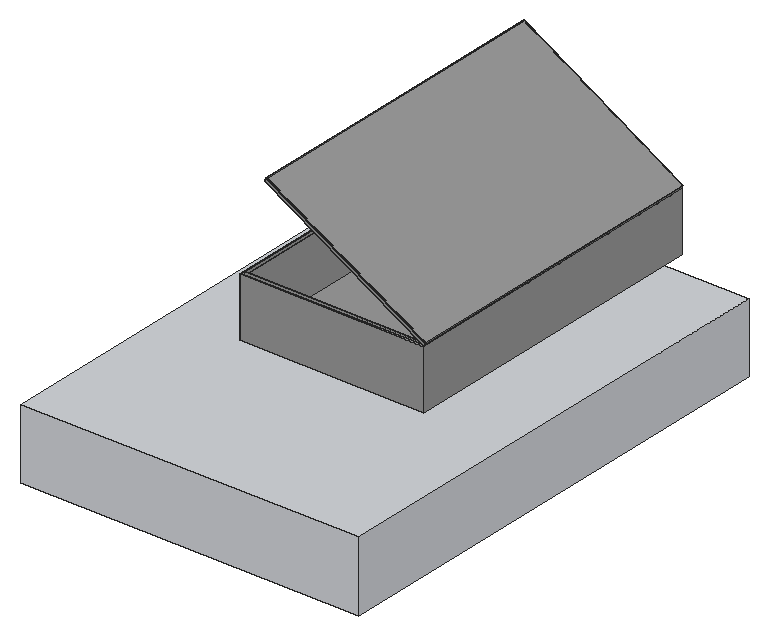
Revit family "Hager-Univers-IP55-D275-H1400-Cl.I-Steel_encl-CH-fr", category Equipement électrique, Revit 2020
Family settings
  Hôte = Face
  Configuration du panneau = Deux colonnes, circuits au sein
  Cote de connecteur circulaire = Utiliser le diamètre
  Type d'élément = Tableau de raccordement
  Couper avec des vides une fois chargée = Non
  Partagée = Non
  Point de calcul de pièce = Non
Parameters (values of type "saillie IP55 L800 H1400 P275  - FR93E")
  Width Control [instance] = if([EF000008 - largeur] > Min Width, [EF000008 - largeur], Min Width)  # 800 mm
  Commentaires du type = [HG000003 - Gamme]  # "Univers"
  Thickness Door [instance] = if([EF009171 - épaisseur de matériau de la porte/du couvercle] > 3 mm, 3 mm, [EF009171 - épaisseur de matériau de la porte/du couvercle])  # 1.5 mm
  Seal Frame Offset [instance] = 17 mm  # constant formula
  Plinth Visibility [instance] = [HG000027 - Hauteur du socle] > 0 mm  # no
  Model = ""
  Min Width [instance] = 100 mm  # constant formula
  Min Height [instance] = 100 mm  # constant formula
  Min Depth [instance] = (2 * [EF009170 - épaisseur de matériau du boîtier]) + 1 mm  # 4 mm
  Internal Frame Depth [instance] = (Door System Depth * 0.5)  # 9 mm
  Height Control [instance] = if([EF000040 - hauteur] > Min Height, [EF000040 - hauteur], Min Height)  # 1400 mm
  HG000027 - Hauteur du socle = 0 mm
  HG000026 - Installation au sol = no
  HG000024 - Hauteur de la section basse = 800 mm
  HG000023 - Armoire double section = no
  HG000016 - Visibilité de la porte 3D [instance] = yes
  HG000015 - Visibilité de l'emprise de la porte [instance] = no
  HG000014 - Porte à droite [instance] = yes
  HG000013 - Porte à gauche [instance] = not([HG000014 - Porte à droite])  # no
  HG000012 - Angle de pivotement de la porte [instance] = 30.00°
  HG000010 - Portes asymétriques = no
  HG000009 - Porte à double battant = no
  HG000006 - Encastré = no
  HG000004 - Référence fabricant = "FR93E"
  HG000003 - Gamme = "Univers"
  HG000002 - avec porte = yes
  Frame Offset Bottom [instance] = 10 mm  # constant formula
  Frame Offset [instance] = 15 mm  # constant formula
  EF015940 - couvercle avec décharge de pression = no
  EF011959 - degré de protection (NEMA) = ""
  EF009554 - nombre d'ouvertures pour plaques à bride = 6
  Fabricant = "Hager"  # constant formula
  EF009212 - finition du couvercle = "EV000116 - fermé"
  EF009171 - épaisseur de matériau de la porte/du couvercle = 1.5 mm
  EF009170 - épaisseur de matériau du boîtier = 1.5 mm
  EF008873 - courant nominal (In) = 800 A
  EF007800 - adapté à un parafoudre = no
  EF006306 - avec serrure = no
  EF006244 - couvercle/porte transparent(e) = no
  EF005474 - indice de protection (IP) = "EV006420 - IP55"
  EF004464 - type de porte = "EV002646 - unique"
  EF004427 - nombre de modules = 324
  EF004293 - indice de protection contre les chocs (IK) = "EV008784 - IK10"
  EF003532 - convient pour utilisation à l’extérieur = no
  EF002950 - largeur en nombre de modules = 24
  EF001613 - maintien de fonction = "EV000494 - sans"
  EF001596 - matériau du boîtier/corps = "EV000179 - acier"
  EF001131 - profondeur intérieure = 275 mm
  EF001088 - possibilité de montage en saillie = yes
  EF000437 - nombre d'entrées de conduit = 6
  EF000339 - type de capot = "EV004216 - porte"
  EF000266 - nombre de rangées = 9
  EF000218 - profondeur d'encastrement = 0 mm
  EF000118 - avec cadre/support de montage = no
  EF000116 - numéro RAL = "7035"
  EF000049 - profondeur = 275 mm
  EF000040 - hauteur = 1400 mm
  EF000008 - largeur = 800 mm
  EF000007 - couleur = "EV000270 - gris"
  EF000003 - mode de pose = "EV000384 - saillie"
  Door System Leaf Tolerance [instance] = 1.5 mm  # constant formula
  Door System Depth [instance] = 18 mm  # constant formula
  Door Height [instance] = Height Control - [HG000027 - Hauteur du socle]  # 1400 mm
  Depth Control [instance] = if([EF000049 - profondeur] > Min Depth, [EF000049 - profondeur], Min Depth)  # 275 mm
  Default Elevation = 0 mm
  Connector Offset [instance] = Height Control / 2  # 700 mm
  Bottom Top Plate Trim [instance] = 1.5 mm  # constant formula
  Plinth height Ctrl [instance] = if([HG000027 - Hauteur du socle] > 0 mm, [HG000027 - Hauteur du socle], 12 mm)  # 12 mm
Types (5, lengths in mm): name | Width Control | HG000010 - Portes asymétriques | HG000009 - Porte à double battant | HG000004 - Référence fabricant | EF009554 - nombre d'ouvertures pour plaques à bride | EF004464 - type de porte | EF004427 - nombre de modules | EF000437 - nombre d'entrées de conduit | EF000008 - largeur
  saillie IP55 L1050 H1400 P275  - FR94E | 1050 | no | yes | "FR94E" | 8 | "EV003602 - double" | 432 | 8 | 1050
  saillie IP55 L1300 H1400 P275  - FR95E | 1300 | yes | yes | "FR95E" | 10 | "EV003602 - double" | 540 | 10 | 1300
  saillie IP55 L300 H1400 P275  - FR91E | 300 | no | no | "FR91E" | 2 | "EV002646 - unique" | 108 | 2 | 300
  saillie IP55 L550 H1400 P275  - FR92E | 550 | no | no | "FR92E" | 4 | "EV002646 - unique" | 216 | 4 | 550
  saillie IP55 L800 H1400 P275  - FR93E | 800 | no | no | "FR93E" | 6 | "EV002646 - unique" | 324 | 6 | 800
Reference planes
  plane 1 "Center (Front/Back)": y = 0
  plane 2: z = 0
  plane 3 "Center (Left/Right)": x = 0
  plane 4: z = 275
  plane 5: y = 1.5
  plane 6: y = 700
  plane 7: y = 0
  plane 8: y = 1400
  plane 9: z = 0
  plane 10: x = -385
  plane 11: x = 385
  plane 12: x = 383.5
  plane 13: x = -383.5
  plane 14: y = 1398.5
  plane 15: x = -383
  plane 16: x = -400
  plane 17: x = 383
  plane 18: x = 400
  plane 19: x = 398.5
  plane 20: x = -398.5
  plane 21: y = 11.5
  plane 22: y = 1400
  plane 23: y = 1383.5
  plane 24: z = 257
  plane 25: z = 1.5
  plane 26: z = 255.5
  plane 27: z = 273.5
Forms (mm)
  Extrusion 1, solid
    sketch origin (0, 0, 0) x (1, 0, 0) y (0, 1, 0)
      loop
        line (-702.964, 1305) -> (-702.964, -811.445) -> (766.763, -811.445) -> (766.763, 1305) -> (-702.964, 1305)
    from 0 to -304.8
  Extrusion 2, solid, material "Hager_Steel_RAL7035_Light_Grey", visible <- "Plinth Visibility", detail levels medium+fine
    sketch origin (0, 0, 0) x (1, 0, 0) y (0, 1, 0)
      loop
        line (-400, 0) -> (400, 0) -> (400, 12) -> (-400, 12) -> (-400, 0)
    from 0 to 257
  Extrusion 3, solid, material "Hager_Steel_RAL7035_Light_Grey", detail levels medium+fine
    sketch origin (0, 0, 0) x (1, 0, 0) y (0, 1, 0)
      loop
        line (-400, 0) -> (400, 0) -> (400, 1400) -> (-400, 1400) -> (-400, 0)
    from 0 to 257
  Extrusion 4, void
    sketch origin (0, 0, 0) x (1, 0, 0) y (0, 1, 0)
      loop
        line (-398.5, 1.5) -> (398.5, 1.5) -> (398.5, 1398.5) -> (-398.5, 1398.5) -> (-398.5, 1.5)
    from 1.5 to 255.5
  Extrusion 5, void
    sketch origin (-381.607, -4572, 257) x (0, -1, 0) y (-1, 0, 0)
      loop
        line (-4583.5, 1.893) -> (-5955.5, 1.893) -> (-5955.5, -765.107) -> (-4583.5, -765.107) -> (-4583.5, 1.893)
    from 0 to 1.5 <- "EF009170 - épaisseur de matériau du boîtier"
  Extrusion 6, solid, material "Hager_Steel_RAL7035_Light_Grey", detail levels fine
    sketch origin (0, 0, 257) x (1, 0, 0) y (0, 1, 0)
      loop
        line (-383.5, 1383.5) -> (-383.5, 11.5) -> (383.5, 11.5) -> (383.5, 1383.5) -> (-383.5, 1383.5)
      loop
        line (-385, 10) -> (385, 10) -> (385, 1385) -> (-385, 1385) -> (-385, 10)
    from 0 to 9 <- "Internal Frame Depth"
  Extrusion 7, solid, material "Hager_Steel_RAL7035_Light_Grey", detail levels coarse
    sketch origin (0, 0, 0) x (1, 0, 0) y (0, 1, 0)
      loop
        line (-400, 0) -> (400, 0) -> (400, 1400) -> (-400, 1400) -> (-400, 0)
    from 0 to 275
  Sweep 8, void
    path in 3D
      loop
        line (-400, 12, 0) -> (400, 12, 0) -> (400, 12, 257) -> (-400, 12, 257) -> (-400, 12, 0)
    profile origin (-400, 12, 128.5) x (-1, 0, 0) y (0, -1, 0)
      loop
        line (0, 0) -> (0, 1.5) -> (-1.5, 1.5)
        arc (-1.5, 1.5) -> (-1.061, 0.439) -> (0, 0) r 1.5
Cuts and joins
  Extrusion 4, Extrusion 5 cuts Extrusion 3
  Sweep 8 cuts Extrusion 2
Lines and regions (mm)
  Masking region 1
    outline origin (0, 0, 0) x (1, 0, 0) y (0, 0, 1)
      loop
        line (-400, 275) -> (-400, 0) -> (400, 0) -> (400, 275) -> (-400, 275)
  Masking region 2, detail levels medium+fine
    outline origin (0, 140, 0) x (0, 1, 0) y (0, 0, 1)
      loop
        line (-140, 0) -> (1260, 0) -> (1260, 257) -> (-140, 257) -> (-140, 0)
  Masking region 3, not visible, detail levels medium+fine
    outline origin (0, 297.922, 0) x (0, 1, 0) y (0, 0, 1)
      loop
        line (413.578, 0) -> (453.578, 0) -> (453.578, 263.5)
        arc (453.578, 263.5) -> (450.649, 270.571) -> (443.578, 273.5) r 10
        line (443.578, 273.5) -> (413.578, 273.5) -> (413.578, 0)
  Masking region 4, detail levels coarse
    outline origin (0, 0, 180) x (0, 1, 0) y (0, 0, 1)
      loop
        line (0, -180) -> (1400, -180) -> (1400, 95) -> (0, 95) -> (0, -180)
  Masking region 5, visible <- "Plinth Visibility", detail levels medium+fine
    outline origin (0, 52.24, 12.345) x (0, 0, -1) y (0, 1, 0)
      loop
        line (10.845, -40.24) -> (-243.155, -40.24)
        arc (-243.155, -40.24) -> (-243.594, -41.301) -> (-244.655, -41.74) r 1.5
        line (-244.655, -41.74) -> (-244.655, -52.24) -> (12.345, -52.24) -> (12.345, -41.74)
        arc (12.345, -41.74) -> (11.285, -41.301) -> (10.845, -40.24) r 1.5
  Masking region 6, detail levels medium+fine
    outline origin (-381.607, -4572, 257) x (-1, 0, 0) y (0, -1, 0)
      loop
        line (18.393, -5972) -> (18.393, -4572) -> (-781.607, -4572) -> (-781.607, -5972) -> (18.393, -5972)
  Masking region 7, visible <- "Plinth Visibility", detail levels medium+fine
    outline origin (-381.607, -4727, 257) x (-1, 0, 0) y (0, -1, 0)
      loop
        arc (16.893, -4739) -> (17.332, -4737.939) -> (18.393, -4737.5) r 1.5
        line (18.393, -4737.5) -> (18.393, -4727) -> (-781.607, -4727) -> (-781.607, -4737.5)
        arc (-781.607, -4737.5) -> (-780.546, -4737.939) -> (-780.107, -4739) r 1.5
        line (-780.107, -4739) -> (16.893, -4739)
  Masking region 8, detail levels coarse
    outline origin (-442.548, -4669.526, 257) x (-1, 0, 0) y (0, -1, 0)
      loop
        line (-42.548, -6069.526) -> (-42.548, -4669.526) -> (-842.548, -4669.526) -> (-842.548, -6069.526) -> (-42.548, -6069.526)
  sketch lines
    curve 1: line (-400, 12, 257) -> (-400, 12, 0)
    curve 2: line (400, 12, 257) -> (-400, 12, 257)
    curve 3: line (400, 12, 257) -> (400, 12, 0)
    curve 4: line (-400, 12, 0) -> (400, 12, 0)
Dimensions and locks
  "Depth Control": plane 4 to Extrusion 1
  "HG000027 - Hauteur du socle": plane 1 "Center (Front/Back)" to plane 7
  "EF009170 - épaisseur de matériau du boîtier": plane 5 to plane 7
  locked: connector elem to plane 3 "Center (Left/Right)"
  equal spacing: plane 8, plane 6, plane 7
  locked: connector elem to plane 6
  "EF009170 - épaisseur de matériau du boîtier": plane 8 to plane 14
  "EF009170 - épaisseur de matériau du boîtier": plane 10 to plane 13
  "EF009170 - épaisseur de matériau du boîtier": plane 12 to plane 11
  "Frame Offset": plane 20 to plane 13
  "Frame Offset": plane 12 to plane 19
  "EF009170 - épaisseur de matériau du boîtier": plane 16 to plane 20
  "EF009170 - épaisseur de matériau du boîtier": plane 19 to plane 18
  "Seal Frame Offset": plane 16 to plane 15
  "Seal Frame Offset": plane 17 to plane 18
  "Frame Offset Bottom": plane 21 to plane 5
  "Frame Offset": plane 14 to plane 23
  equal spacing: plane 16, plane 3 "Center (Left/Right)", plane 18
  "Width Control": plane 16 to plane 18
  "EF009170 - épaisseur de matériau du boîtier": plane 4 to plane 27
  "EF009170 - épaisseur de matériau du boîtier": plane 24 to plane 26
  "EF009170 - épaisseur de matériau du boîtier": plane 25 to level
  "Door System Depth": plane 4 to plane 24
  "Height Control": plane 1 "Center (Front/Back)" to Extrusion 7 sketch curve
  "Height Control": Masking region 4 sketch curve to plane 1 "Center (Front/Back)"
  "Height Control": plane 1 "Center (Front/Back)" to plane 22
  "Bottom Top Plate Trim": profile plane to Sweep 8 sketch curve
  "Bottom Top Plate Trim": Sweep 8 sketch curve to profile plane
  "Plinth height Ctrl": plane 1 "Center (Front/Back)" to Extrusion 2 sketch curve
  "Plinth height Ctrl": Masking region 5 sketch curve to plane 1 "Center (Front/Back)"
  "Plinth height Ctrl": plane 1 "Center (Front/Back)" to Masking region 7 sketch curve
  "Thickness Door": Extrusion 6 sketch curve to Extrusion 6 sketch curve  (x3)
  "Thickness Door": cut or joined group of Extrusion 3, Extrusion 4, Extrusion 5 to Extrusion 6 sketch curve
  radius of Masking region 3 sketch curve = 10 mm
  "Bottom Top Plate Trim": radius of Masking region 5 sketch curve  (x2)
  "Bottom Top Plate Trim": radius of Sweep 8 sketch curve
  "Bottom Top Plate Trim": radius of Masking region 7 sketch curve  (x2)
  aligned and locked: plane 2 to Extrusion 1
  aligned and locked: level to Extrusion 1
  aligned and locked: level to Masking region 1 sketch curve
  aligned and locked: Masking region 1 sketch curve to plane 18
  aligned and locked: Masking region 1 sketch curve to plane 16
  aligned and locked: plane 7 to Masking region 2 sketch curve
  aligned and locked: level to Masking region 3 sketch curve
  aligned and locked: Masking region 3 sketch curve to plane 27
  aligned and locked: level to Masking region 2 sketch curve
  aligned and locked: plane 1 "Center (Front/Back)" to Extrusion 2 sketch curve
  aligned and locked: Extrusion 3 sketch curve to plane 7
  aligned and locked: plane 16 to Extrusion 3 sketch curve
  aligned and locked: plane 18 to Extrusion 3 sketch curve
  aligned and locked: plane 20 to Extrusion 4 sketch curve
  aligned and locked: plane 19 to Extrusion 4 sketch curve
  aligned and locked: Extrusion 4 sketch curve to plane 5
  aligned and locked: Extrusion 4 to plane 25
  aligned and locked: plane 26 to Extrusion 4
  aligned and locked: plane 24 to Extrusion 3
  aligned and locked: Extrusion 5 sketch curve to plane 21
  aligned and locked: Extrusion 5 sketch curve to plane 13
  aligned and locked: Extrusion 5 sketch curve to plane 12
  aligned and locked: plane 18 to Extrusion 7 sketch curve
  aligned and locked: plane 1 "Center (Front/Back)" to Extrusion 7 sketch curve
  aligned and locked: plane 16 to Extrusion 7 sketch curve
  aligned and locked: plane 4 to Extrusion 7
  aligned and locked: Extrusion 7 to level
  aligned and locked: level to Masking region 4 sketch curve
  aligned and locked: Masking region 4 sketch curve to plane 1 "Center (Front/Back)"
  aligned and locked: Masking region 4 sketch curve to plane 4
  aligned and locked: nested 1 to level
  aligned and locked: nested 1 to plane 16
  aligned and locked: plane 8 to Extrusion 3 sketch curve
  aligned and locked: plane 23 to Extrusion 5 sketch curve
  aligned and locked: plane 14 to Extrusion 4 sketch curve
  aligned and locked: Masking region 2 sketch curve to plane 8
  aligned and locked: level to Masking region 5 sketch curve
  aligned and locked: plane 16 to Extrusion 2 sketch curve
  aligned and locked: plane 18 to Extrusion 2 sketch curve
  aligned and locked: Masking region 5 sketch curve to plane 24
  aligned and locked: Masking region 2 sketch curve to plane 24
  aligned and locked: plane 24 to Extrusion 2
  aligned and locked: profile plane to Sweep 8 sketch curve  (x2)
  aligned and locked: Masking region 6 sketch curve to plane 18
  aligned and locked: Masking region 6 sketch curve to plane 22
  aligned and locked: Masking region 6 sketch curve to plane 16
  aligned and locked: plane 8 to plane 22
  aligned and locked: Masking region 6 sketch curve to plane 7
  aligned and locked: Masking region 7 sketch curve to plane 16
  aligned and locked: Masking region 7 sketch curve to plane 1 "Center (Front/Back)"
  aligned and locked: Masking region 7 sketch curve to plane 18
  aligned and locked: Masking region 8 sketch curve to plane 1 "Center (Front/Back)"
  aligned and locked: Masking region 8 sketch curve to plane 18
  aligned and locked: Masking region 8 sketch curve to plane 22
  aligned and locked: Masking region 8 sketch curve to plane 16
  aligned and locked: nested 2 to plane 7
  aligned and locked: plane 3 "Center (Left/Right)" to nested 2
  aligned and locked: nested 2 to plane 24
  aligned and locked: Extrusion 6 sketch curve to cut or joined group of Extrusion 3, Extrusion 4, Extrusion 5  (x4)
Automatic sketch dimensions
  Extrusion 1 sketch curve to Extrusion 1 sketch curve = 1469.727 mm
  Extrusion 1 sketch curve to Extrusion 1 sketch curve = 2116.445 mm
  Masking region 1 sketch curve to plane 4 = 0 mm
  plane 6 to Masking region 3 sketch curve = 11.5 mm
  Masking region 3 sketch curve to Masking region 3 sketch curve = 30 mm
  Masking region 5 sketch curve to plane 1 "Center (Front/Back)" = 0 mm
Nested families
  nested 1: "Hager_Enclosure_Symbol" at (-400, 0, 0) x (1, 0, 0) z (0, -1, 0), Height <- "Depth Control", Width <- "Width Control", type "Hager_Enclosure_Symbol"
    with Width_Ctrl 800 mm, Width 800 mm, Height_Ctrl 275 mm, Height 275 mm, A_Width_Int 18.047 mm, A_Width 216.562 mm, A_Height_Ctrl 240.625 mm, A_Height 240.625 mm
  nested 2: "EC000058_Univers_Door" at (0, 0, 257) x (1, 0, 0) z (0, 1, 0), Leaf_Tolerance <- "Door System Leaf Tolerance", Angle <- "HG000012 - Angle de pivotement de la porte", Door_Depth <- "Door System Depth", Door_Left <- "HG000013 - Porte à gauche", Transparent <- "EF006244 - couvercle/porte transparent(e)", Assymetrical <- "HG000010 - Portes asymétriques", Width <- "Width Control", Clearance <- "HG000015 - Visibilité de l'emprise de la porte", Double <- "HG000009 - Porte à double battant", 3d_Door <- "HG000016 - Visibilité de la porte 3D", Lock_Visibility <- "EF006306 - avec serrure", Width_Ctrl <- "Width Control", Door_Right <- "HG000014 - Porte à droite", Door <- "HG000002 - avec porte", Height <- "Door Height", Thickness <- "Thickness Door", type "EC000058_Univers_Door", detail levels medium+fine
    with min_wh 4 mm, Width_Ctrl 800 mm, Width 800 mm, Transparent no, Thickness 1.5 mm, Seal_Material Hager_Rubber, Lock_Visibility no, Lock_Material Hager_Plastic_RAL9005_Jet_Black, Leaf_Width 800 mm, Leaf_Tolerance_External_Sides 0 mm, Leaf_Tolerance 1.5 mm, Leaf_Offset 0 mm, Leaf_Height 1397 mm, Leaf_2_Width 800 mm, Leaf_2_Offset 400 mm, Leaf_1_Width 800 mm, Leaf_1_Offset 400 mm, Height_Ctrl 1400 mm, Height 1400 mm, Glass_Material Hager_Glass, Double_Clearance_Ctrl no, Double no, Door_Right_Ctrl yes, Door_Right yes, Door_Material Hager_Steel_RAL7035_Light_Grey, Door_Left_Ctrl no, Door_Left no, Door_Depth 18 mm, Door yes, Clearance_Material Hager_Clearance, Clearance_Depth 800 mm, Clearance_Ctrl no, Clearance no, Assymetrical no, Angle 30.00°, 3d_Door yes
Connectors
  electrical at (0, 700, 0)
    settings: on plane 9, index 1, voltage 0 V, apparent load 0 VA, apparent load phase1 0 VA, apparent load phase2 0 VA, apparent load phase3 0 VA, power factor 1, load classification "Other", number of poles 1, system type 30, power factor state 1, is connector primary yes, connector utility no, sub classification motor no, connector description ""
Definition of nested family "EC000058_Univers_Door"
  Parameters (values of type "EC000058_Univers_Door")
    min_wh [instance] = (2 * Thickness) + 1 mm  # 11 mm
    Width_Ctrl [instance] = 400 mm
    Width [instance] = 500 mm
    Transparent [instance] = yes
    Thickness [instance] = 5 mm
    Seal_Material [instance] = none
    Lock_Visibility [instance] = yes
    Lock_Material [instance] = none
    Leaf_Width [instance] = if((Width_Ctrl - 2 * Leaf_Tolerance_External_Sides) > 0 mm, (Width_Ctrl - 2 * Leaf_Tolerance_External_Sides), min_wh)  # 400 mm
    Leaf_Tolerance_External_Sides [instance] = 0 mm  # constant formula
    Leaf_Tolerance [instance] = 1.5 mm
    Leaf_Offset [instance] = 0 mm  # constant formula
    Leaf_Height [instance] = if((Height_Ctrl - 2 * Leaf_Tolerance) > 0 mm, (Height_Ctrl - 2 * Leaf_Tolerance), min_wh)  # 497 mm
    Leaf_2_Width [instance] = if(and(and(Double, Assymetrical), Door_Left), (Leaf_Width / 3) - (Leaf_Tolerance / 2), if(and(and(Double, Assymetrical), Door_Right), (Leaf_Width / 3) * 2 - (Leaf_Tolerance / 2), if(and(Double, not(Assymetrical)), (Leaf_Width / 2) - Leaf_Tolerance, Leaf_Width)))  # 400 mm
    Leaf_2_Offset [instance] = if(and(Double, Assymetrical), Leaf_2_Width / 2, if(and(Double, not(Assymetrical)), Leaf_Width / 4, Leaf_Width / 2))  # 200 mm
    Leaf_1_Width [instance] = if(and(and(Double, Assymetrical), Door_Right), (Leaf_Width / 3) - (Leaf_Tolerance / 2), if(and(and(Double, Assymetrical), Door_Left), (Width / 3) * 2 - (Leaf_Tolerance / 2), if(and(Double, not(Assymetrical)), (Leaf_Width / 2) - Leaf_Tolerance, Leaf_Width)))  # 400 mm
    Leaf_1_Offset [instance] = if(and(Double, Assymetrical), Leaf_1_Width / 2, if(and(Double, not(Assymetrical)), Leaf_Width / 4, Leaf_Width / 2))  # 200 mm
    Height_Ctrl [instance] = if(Height > min_wh, Height, min_wh)  # 500 mm
    Height [instance] = 500 mm
    Glass_Material [instance] = none
    Double_Clearance_Ctrl [instance] = and(Double, Clearance)  # no
    Double [instance] = no
    Door_Right_Ctrl [instance] = and(or(Door_Right, Double), Door)  # yes
    Door_Right [instance] = yes
    Door_Material [instance] = none
    Door_Left_Ctrl [instance] = and(or(Door_Left, Double), Door)  # no
    Door_Left [instance] = no
    Door_Depth [instance] = 30 mm
    Door [instance] = yes
    Default Elevation = 1219.2 mm
    Clearance_Material [instance] = none
    Clearance_Depth [instance] = if(Leaf_1_Width > Leaf_2_Width, Leaf_1_Width, Leaf_2_Width)  # 400 mm
    Clearance_Ctrl [instance] = and(not(Double), Clearance)  # yes
    Clearance [instance] = yes
    Assymetrical [instance] = yes
    Angle [instance] = 30.00°
    3d_Door [instance] = yes
  Reference planes
    plane 1 "Center (Front/Back)": y = 0
    plane 2 "Bottom": z = 0
    plane 3 "Center (Left/Right)": x = 0
    plane 4: z = 500
    plane 5: x = -200
    plane 6: x = 200
    plane 7: z = 500
    plane 8: x = -200
    plane 9: z = 0
    plane 10: x = 200
    plane 11: y = 0
    plane 12: z = 1.5
    plane 13: x = -600
    plane 14: y = -400
    plane 15: x = 600
    plane 16: x = 0
    plane 17: x = 0
    plane 18: x = -200
    plane 19: x = 200
    plane 20: z = 498.5
  Forms (mm)
    Extrusion 1, solid, material <- "Clearance_Material", visible <- "Double_Clearance_Ctrl"
      sketch origin (1200, 0, 0) x (1, 0, 0) y (0, 0, -1)
        loop
          line (-1800, -498.5) -> (-600, -498.5) -> (-600, 0) -> (-1800, 0) -> (-1800, -498.5)
      from 0 to -400
  Dimensions and locks
    equal spacing: plane 5, plane 3 "Center (Left/Right)", plane 6
    "Width_Ctrl": plane 5 to plane 6
    "Leaf_Offset": plane 5 to plane 8
    "Leaf_Offset": plane 6 to plane 10
    "Leaf_Offset": plane 9 to level
    "Leaf_Offset": plane 4 to plane 7
    "Height_Ctrl": plane 4 to level
    "Leaf_Tolerance": plane 12 to plane 9
    locked: plane 11 to plane 1 "Center (Front/Back)"
    "Leaf_1_Offset": plane 18 to plane 16
    "Leaf_2_Offset": plane 17 to plane 19
    "Leaf_1_Width": plane 13 to plane 8
    "Leaf_2_Width": plane 10 to plane 15
    "Clearance_Depth": plane 14 to plane 1 "Center (Front/Back)"
    "Leaf_Tolerance_External_Sides": plane 8 to plane 18
    "Leaf_Tolerance_External_Sides": plane 19 to plane 10
    "Leaf_Tolerance": plane 7 to plane 20
    aligned and locked: level to plane 2 "Bottom"
    aligned and locked: nested 1 to plane 16
    aligned and locked: nested 2 to plane 17
    aligned and locked: Extrusion 1 to plane 13
    aligned and locked: plane 15 to Extrusion 1
    aligned and locked: Extrusion 1 to plane 14
    aligned and locked: plane 12 to nested 1
    aligned and locked: nested 2 to plane 12
    aligned and locked: Extrusion 1 to plane 11
    aligned and locked: plane 20 to Extrusion 1
    aligned and locked: nested 2 to plane 11
    aligned and locked: nested 1 to plane 11
  Automatic sketch dimensions
    Extrusion 1 sketch curve to level = 0 mm
    plane 5 to Extrusion 1 sketch curve = 400 mm
    plane 6 to Extrusion 1 sketch curve = 400 mm
    Extrusion 1 sketch curve to plane 4 = 1.5 mm
  Nested families
    nested 1: "EC000058_Univers_Door_Leaf" at (0, 0, 1.5), Width <- "Leaf_1_Width", visible <- "Door_Left_Ctrl", Leaf_Height <- "Leaf_Height", Angle <- "Angle", 3d_Door <- "3d_Door", Transparent <- "Transparent", Clearance Material <- "Clearance_Material", Clearance <- "Clearance_Ctrl", Door_Material <- "Door_Material", Glass_Material <- "Glass_Material", Door_Depth <- "Door_Depth", Lock_Material <- "Lock_Material", Seal_Material <- "Seal_Material", Lock_Visibility <- "Lock_Visibility", Thickness <- "Thickness", type "EC000058_Univers_Door_Leaf"
      with Width 400 mm, Transparent_Glass_Offset 30 mm, Transparent_Ctrl yes, Transparent yes, Thickness 5 mm, Standard no, Seal_Material none, Seal_D2 8 mm, Seal_D1 1 mm, Offset_Internal_Frame 10 mm, Lock_Width 20 mm, Lock_Visibility_3d yes, Lock_Visibility yes, Lock_Thickness_3 3 mm, Lock_Thickness_2 1 mm, Lock_Thickness_1 3 mm, Lock_Radius_Offset_2 16 mm, Lock_Radius_Offset_1 15 mm, Lock_Radius_2 5 mm, Lock_Radius 6 mm, Lock_Offset 5 mm, Lock_Material none, Lock_Height 80 mm, Lock_Cover_Top_Offset_2d 17 mm, Lock_Cover_Height -65 mm, Leaf_Height 497 mm, Internal_Seal_Thickness 8 mm, Internal_Seal_Depth_2 4.5 mm, Internal_Frame_Depth 25 mm, Glass_Thickness -1 mm, Glass_Offset -2 mm, Glass_Material none, Door_Material none, Door_Depth 30 mm, Clearance Material none, Clearance yes, Angle_Ctrl 30.00°, Angle 30.00°, 3d_Door yes
    nested 2: "EC000058_Univers_Door_Leaf" at (0, 0, 1.5) x (-1, 0, 0) z (0, 0, 1), Width <- "Leaf_2_Width", visible <- "Door_Right_Ctrl", Leaf_Height <- "Leaf_Height", Angle <- "Angle", 3d_Door <- "3d_Door", Transparent <- "Transparent", Clearance Material <- "Clearance_Material", Clearance <- "Clearance_Ctrl", Door_Material <- "Door_Material", Glass_Material <- "Glass_Material", Door_Depth <- "Door_Depth", Lock_Material <- "Lock_Material", Seal_Material <- "Seal_Material", Lock_Visibility <- "Lock_Visibility", Thickness <- "Thickness", type "EC000058_Univers_Door_Leaf"
      with Width 400 mm, Transparent_Glass_Offset 30 mm, Transparent_Ctrl yes, Transparent yes, Thickness 5 mm, Standard no, Seal_Material none, Seal_D2 8 mm, Seal_D1 1 mm, Offset_Internal_Frame 10 mm, Lock_Width 20 mm, Lock_Visibility_3d yes, Lock_Visibility yes, Lock_Thickness_3 3 mm, Lock_Thickness_2 1 mm, Lock_Thickness_1 3 mm, Lock_Radius_Offset_2 16 mm, Lock_Radius_Offset_1 15 mm, Lock_Radius_2 5 mm, Lock_Radius 6 mm, Lock_Offset 5 mm, Lock_Material none, Lock_Height 80 mm, Lock_Cover_Top_Offset_2d 17 mm, Lock_Cover_Height -65 mm, Leaf_Height 497 mm, Internal_Seal_Thickness 8 mm, Internal_Seal_Depth_2 4.5 mm, Internal_Frame_Depth 25 mm, Glass_Thickness -1 mm, Glass_Offset -2 mm, Glass_Material none, Door_Material none, Door_Depth 30 mm, Clearance Material none, Clearance yes, Angle_Ctrl 30.00°, Angle 30.00°, 3d_Door yes
  Definition of nested family "EC000058_Univers_Door_Leaf"
    Parameters (values of type "EC000058_Univers_Door_Leaf")
      Width [instance] = 2000 mm
      Transparent_Glass_Offset [instance] = 30 mm
      Transparent_Ctrl [instance] = and(Transparent, [3d_Door])  # yes
      Transparent [instance] = yes
      Thickness [instance] = 5 mm
      Standard [instance] = and(not(Transparent), [3d_Door])  # no
      Seal_Material [instance] = none
      Seal_D2 [instance] = 8 mm  # constant formula
      Seal_D1 [instance] = 1 mm  # constant formula
      Offset_Internal_Frame [instance] = 10 mm  # constant formula
      Lock_Width [instance] = 20 mm  # constant formula
      Lock_Visibility_3d [instance] = and(Lock_Visibility, [3d_Door])  # yes
      Lock_Visibility [instance] = yes
      Lock_Thickness_3 [instance] = 3 mm  # constant formula
      Lock_Thickness_2 [instance] = 1 mm  # constant formula
      Lock_Thickness_1 [instance] = 3 mm  # constant formula
      Lock_Radius_Offset_2 [instance] = Lock_Radius_Offset_1 + 1 mm  # 16 mm
      Lock_Radius_Offset_1 [instance] = 15 mm  # constant formula
      Lock_Radius_2 [instance] = Lock_Radius - 1 mm  # 5 mm
      Lock_Radius [instance] = 6 mm  # constant formula
      Lock_Offset [instance] = 5 mm  # constant formula
      Lock_Material [instance] = none
      Lock_Height [instance] = 80 mm  # constant formula
      Lock_Cover_Top_Offset_2d [instance] = Lock_Radius_Offset_2 + 1 mm  # 17 mm
      Lock_Cover_Height [instance] = -(Lock_Height - Lock_Radius_Offset_1)  # -65 mm
      Leaf_Height [instance] = 2720.336 mm
      Internal_Seal_Thickness [instance] = 8 mm  # constant formula
      Internal_Seal_Depth_2 [instance] = 4.5 mm  # constant formula
      Internal_Frame_Depth [instance] = if(Door_Depth - Thickness > 5 mm, Door_Depth - Thickness, 5 mm)  # 25 mm
      Glass_Thickness [instance] = if(Thickness > 15 mm, Glass_Offset + 10 mm, -1 mm)  # -1 mm
      Glass_Offset [instance] = if(Thickness > 15 mm, -(Thickness + 10 mm) / 2, -2 mm)  # -2 mm
      Glass_Material [instance] = none
      Door_Material [instance] = none
      Door_Depth [instance] = 30 mm
      Default Elevation = 0 mm
      Clearance Material [instance] = none
      Clearance [instance] = yes
      Angle_Ctrl [instance] = if(Angle > 180.00°, 180.00°, Angle)  # 90.00°
      Angle [instance] = 90.00°
      3d_Door [instance] = yes
    Reference planes
      plane 1 "Center (Front/Back)": y = 0
      plane 2: z = 0
      plane 3 "Center (Left/Right)": x = 0
      plane 4: y = 2000
      plane 5: x = -1000
      plane 6: x = 1000
      plane 7: x = -3000
      plane 8: z = 2720.336
      plane 9: z = 30
      plane 10: z = 2690.336
      plane 11: x = 970
      plane 12: x = -970
      plane 13: y = -3
      plane 14: z = 107.833
      plane 15: y = -5
      plane 16: y = -223.314
      plane 17: x = -1000
      plane 18: z = 1360.168
      plane 19: y = 30
    Forms (mm)
      Extrusion 1, solid, material <- "Clearance Material", visible <- "Clearance"
        sketch origin (0, 0, 0) x (1, 0, 0) y (0, 0, 1)
          loop
            line (-3000, 2720.336) -> (-3000, 0) -> (1000, 0) -> (1000, 2720.336) -> (-3000, 2720.336)
        from 0 to -2000
      Extrusion 2, solid, material <- "Door_Material", visible <- "Standard", detail levels medium+fine
        sketch origin (-1000, 0, 0) x (0, 1, 0) y (-1, 0, 0)
          loop
            line (0, 30) -> (0, 25) -> (2000, 25) -> (2000, 30) -> (0, 30)
        from 0 to 2720.336 <- "Leaf_Height"
      Extrusion 3, solid, material <- "Door_Material", visible <- "Transparent_Ctrl", detail levels medium+fine
        sketch origin (-1000, 0, 0) x (0, 1, 0) y (-1, 0, 0)
          loop
            line (0, 25) -> (2000, 25) -> (2000, 30) -> (0, 30) -> (0, 25)
        from 0 to 2720.336 <- "Leaf_Height"
      Extrusion 4, void
        sketch origin (-1025, 2000, 0) x (0, 1, 0) y (0, 0, -1)
          loop
            line (-30, -2690.336) -> (-30, -30) -> (-1970, -30) -> (-1970, -2690.336) -> (-30, -2690.336)
        from 0 to 5 <- "Thickness"
      Sweep 5, solid, material <- "Seal_Material", visible <- "Transparent_Ctrl", detail levels fine
        path in 3D
          loop
            line (-1025, 30, 30) -> (-1025, 30, 2690.336) -> (-1025, 1970, 2690.336) -> (-1025, 1970, 30) -> (-1025, 30, 30)
        profile origin (-1025, 1000, 30) x (1, 0, 0) y (0, 0, 1)
          loop
            line (0, 0) -> (0, -8) -> (1, -8) -> (1, 0) -> (0, 0)
      Extrusion 6, solid, material <- "Glass_Material", visible <- "Transparent_Ctrl", detail levels medium+fine
        sketch origin (-1030, 0, 0) x (0, 1, 0) y (0, 0, -1)
          loop
            line (1970, -2690.336) -> (1970, -30) -> (30, -30) -> (30, -2690.336) -> (1970, -2690.336)
        from -2 <- "Glass_Offset" to -1 <- "Glass_Thickness"
      Extrusion 7, solid, material <- "Door_Material", visible <- "3d_Door", detail levels medium+fine
        sketch origin (-1025, 2000, 0) x (0, -1, 0) y (0, 0, -1)
          loop
            line (0, -2720.336) -> (2000, -2720.336) -> (2000, 0) -> (0, 0) -> (0, -2720.336)
          loop
            line (1995, -5) -> (5, -5) -> (5, -2715.336) -> (1995, -2715.336) -> (1995, -5)
        from 0 to 25 <- "Internal_Frame_Depth"
      Sweep 8, solid, material <- "Seal_Material", visible <- "Transparent_Ctrl", detail levels fine
        path in 3D
          loop
            line (-1025, 0, 0) -> (-1025, 2000, 0) -> (-1025, 2000, 2720.336) -> (-1025, 0, 2720.336) -> (-1025, 0, 0)
        profile origin (-1025, 0, 1360.168) x (1, 0, 0) y (0, 1, 0)
          loop
            line (0, 10) -> (2.975, 10)
            arc (2.975, 10) -> (4.053, 10.447) -> (4.5, 11.525) r 1.525
            line (4.5, 11.525) -> (4.5, 16.527)
            arc (4.5, 16.527) -> (4.069, 17.569) -> (3.027, 18) r 1.473
            line (3.027, 18) -> (0, 18) -> (0, 10)
      Extrusion 9, solid, material <- "Lock_Material", visible <- "Lock_Visibility_3d", detail levels fine
        sketch origin (-1030, 0, 0) x (0, 1, 0) y (0, 0, -1)
          loop
            arc (1993.5, -1400.168) -> (1994.561, -1399.729) -> (1995, -1398.668) r 1.5
            line (1995, -1398.668) -> (1995, -1320.168) -> (1975, -1320.168) -> (1975, -1398.668)
            arc (1975, -1398.668) -> (1975.439, -1399.729) -> (1976.5, -1400.168) r 1.5
            line (1976.5, -1400.168) -> (1993.5, -1400.168)
        from 3 <- "Lock_Thickness_1" to 0
      Blend 10, solid, material <- "Lock_Material", visible <- "Lock_Visibility_3d", detail levels fine
        base sketch origin (-1033, 0, 0) x (0, 1, 0) y (0, 0, -1)
          loop
            line (1975, -1320.168) -> (1975, -1398.668)
            arc (1975, -1398.668) -> (1975.439, -1399.729) -> (1976.5, -1400.168) r 1.5
            line (1976.5, -1400.168) -> (1993.5, -1400.168)
            arc (1993.5, -1400.168) -> (1994.561, -1399.729) -> (1995, -1398.668) r 1.5
            line (1995, -1398.668) -> (1995, -1320.168) -> (1975, -1320.168)
        top sketch origin (-1033, 0, 0) x (0, 1, 0) y (0, 0, -1)
          loop
            line (1976, -1320.168) -> (1976, -1398.668)
            arc (1976, -1398.668) -> (1976.146, -1399.022) -> (1976.5, -1399.168) r 0.5
            line (1976.5, -1399.168) -> (1993.5, -1399.168)
            arc (1993.5, -1399.168) -> (1993.854, -1399.022) -> (1994, -1398.668) r 0.5
            line (1994, -1398.668) -> (1994, -1320.168) -> (1976, -1320.168)
        from 0 to 1 <- "Lock_Thickness_2"
      Blend 11, solid, material <- "Lock_Material", visible <- "Lock_Visibility_3d", detail levels fine
        base sketch origin (-1034, 0, 0) x (0, 1, 0) y (0, 0, -1)
          loop
            line (1978, -1320.168) -> (1978, -1384.168)
            arc (1978, -1384.168) -> (1985, -1391.168) -> (1992, -1384.168) r 7
            line (1992, -1384.168) -> (1992, -1320.168) -> (1978, -1320.168)
        top sketch origin (-1034, 0, 0) x (0, 1, 0) y (0, 0, -1)
          loop
            line (1991, -1320.168) -> (1979, -1320.168) -> (1979, -1383.168)
            arc (1979, -1383.168) -> (1985, -1389.168) -> (1991, -1383.168) r 6
            line (1991, -1383.168) -> (1991, -1320.168)
        from 0 to 3 <- "Lock_Thickness_3"
      Extrusion 12, solid, material <- "Lock_Material", visible <- "Lock_Visibility_3d", detail levels fine
        sketch origin (-1030, 1975, 1320.168) x (1, 0, 0) y (0, -1, 0)
          loop
            line (-7, -19) -> (-7, -1) -> (0, -1) -> (0, 0) -> (-8, 0) -> (-8, -20) -> (0, -20) -> (0, -19) -> (-7, -19)
        from 0 to -65 <- "Lock_Cover_Height"
      Extrusion 13, void
        sketch origin (-1038, 1995, 1320.168) x (-1, 0, 0) y (0, 0, -1)
          loop
            line (-5, -65) -> (0, -65) -> (-5, -60) -> (-5, -65)
        from 0 to 20 <- "Lock_Width"
      Extrusion 14, void
        sketch origin (-1038, 1975, 1320.168) x (0, -1, 0) y (0, 0, -1)
          loop
            circle (-10, -15.995) r 6
          loop
            circle (-10, -15.995) r 5
        from 0 to 2
      Extrusion 15, solid, material <- "Lock_Material", visible <- "Lock_Visibility_3d", detail levels medium
        sketch origin (-1030, 0, 0) x (0, 1, 0) y (0, 0, -1)
          loop
            arc (1993.5, -1400.168) -> (1994.561, -1399.729) -> (1995, -1398.668) r 1.5
            line (1995, -1398.668) -> (1995, -1320.168) -> (1975, -1320.168) -> (1975, -1398.668)
            arc (1975, -1398.668) -> (1975.439, -1399.729) -> (1976.5, -1400.168) r 1.5
            line (1976.5, -1400.168) -> (1993.5, -1400.168)
        from 8 to 0
    Cuts and joins
      Extrusion 4 cuts Extrusion 3
      Extrusion 13, Extrusion 14 cuts Extrusion 9
      Extrusion 14 cuts Blend 11
      Extrusion 13, Extrusion 14 cuts Extrusion 12
      joined: Extrusion 9, Blend 10, Blend 11, Extrusion 12
      Extrusion 14 cuts Extrusion 15
    Lines and regions (mm)
      Masking region 1, visible <- "Lock_Visibility", detail levels fine
        outline origin (0, 0, 0) x (0, 1, 0) y (0, 0, 1)
          loop
            line (30, 1320.168) -> (33, 1320.168) -> (33, 1400.168) -> (30, 1400.168) -> (30, 1320.168)
      Masking region 2, visible <- "Lock_Visibility", detail levels fine
        outline origin (0, 3.143, 0) x (0, 1, 0) y (0, 0, 1)
          loop
            line (29.857, 1354.168) -> (30.857, 1354.168) -> (30.857, 1366.168) -> (29.857, 1366.168) -> (29.857, 1354.168)
      Masking region 3, detail levels medium+fine
        outline origin (0, 0, 0) x (0, 1, 0) y (0, 0, 1)
          loop
            line (0, 0) -> (30, 0) -> (30, 2720.336) -> (0, 2720.336) -> (0, 0)
      Masking region 4, detail levels medium+fine
        outline origin (0, 0, 0) x (1, 0, 0) y (0, 0, 1)
          loop
            line (-1000, 2720.336) -> (-1000, 0) -> (1000, 0) -> (1000, 2720.336) -> (-1000, 2720.336)
      Masking region 5, visible <- "Lock_Visibility", detail levels fine
        outline origin (-47.116, 0, 0) x (1, 0, 0) y (0, 0, 1)
          loop
            arc (1024.616, 1399.168) -> (1023.556, 1398.729) -> (1023.116, 1397.668) r 1.5
            line (1023.116, 1397.668) -> (1023.116, 1320.168) -> (1041.116, 1320.168) -> (1041.116, 1397.668)
            arc (1041.116, 1397.668) -> (1040.677, 1398.729) -> (1039.616, 1399.168) r 1.5
            line (1039.616, 1399.168) -> (1024.616, 1399.168)
      Masking region 6, visible <- "Lock_Visibility", detail levels medium+fine
        outline origin (-25, 0, 0) x (1, 0, 0) y (0, 0, 1)
          loop
            arc (1001.5, 1400.168) -> (1000.439, 1399.729) -> (1000, 1398.668) r 1.5
            line (1000, 1398.668) -> (1000, 1320.168) -> (1020, 1320.168) -> (1020, 1398.668)
            arc (1020, 1398.668) -> (1019.561, 1399.729) -> (1018.5, 1400.168) r 1.5
            line (1018.5, 1400.168) -> (1001.5, 1400.168)
      Masking region 7, visible <- "Lock_Visibility", detail levels fine
        outline origin (-73.735, 0, 0) x (1, 0, 0) y (0, 0, 1)
          loop
            line (1051.735, 1382.168) -> (1065.735, 1382.168) -> (1065.735, 1384.168)
            arc (1065.735, 1384.168) -> (1058.735, 1391.168) -> (1051.735, 1384.168) r 7
            line (1051.735, 1384.168) -> (1051.735, 1382.168)
      Masking region 8, visible <- "Lock_Visibility", detail levels fine
        outline origin (-73.735, 0, 0) x (1, 0, 0) y (0, 0, 1)
          loop
            line (1052.735, 1382.168) -> (1064.735, 1382.168) -> (1064.735, 1383.168)
            arc (1064.735, 1383.168) -> (1058.735, 1389.168) -> (1052.735, 1383.168) r 6
            line (1052.735, 1383.168) -> (1052.735, 1382.168)
      Masking region 9, visible <- "Lock_Visibility", detail levels fine
        outline origin (-25, 0, 0) x (1, 0, 0) y (0, 0, 1)
          loop
            line (1020, 1320.168) -> (1020, 1382.168) -> (1000, 1382.168) -> (1000, 1320.168) -> (1020, 1320.168)
      Masking region 10, detail levels medium+fine
        outline origin (0, 0, 0) x (1, 0, 0) y (0, 0, 1)
          loop
            circle (985, 1335.144) r 6
      Masking region 11, detail levels fine
        outline origin (0, 0, 0) x (1, 0, 0) y (0, 0, 1)
          loop
            circle (985, 1335.144) r 5
      Masking region 12, visible <- "Lock_Visibility", detail levels fine
        outline origin (0, 12.767, 0) x (0, 1, 0) y (0, 0, 1)
          loop
            line (20.233, 1320.168) -> (21.233, 1320.168) -> (21.233, 1399.168) -> (20.233, 1400.168) -> (20.233, 1320.168)
      Masking region 13, visible <- "Lock_Visibility", detail levels fine
        outline origin (0, 13.767, -10) x (0, 1, 0) y (0, 0, 1)
          loop
            line (20.233, 1330.168) -> (23.233, 1330.168) -> (23.233, 1399.168) -> (20.233, 1402.168) -> (20.233, 1330.168)
      Masking region 14, visible <- "Lock_Visibility", detail levels fine
        outline origin (0, 12.767, -10) x (0, 1, 0) y (0, 0, 1)
          loop
            line (20.233, 1330.168) -> (25.233, 1330.168) -> (25.233, 1399.305) -> (20.233, 1394.305) -> (20.233, 1330.168)
      Masking region 15, visible <- "Lock_Visibility", detail levels medium
        outline origin (0, 0, 0) x (0, 1, 0) y (0, 0, 1)
          loop
            line (30, 1320.168) -> (38, 1320.168) -> (38, 1400.168) -> (30, 1400.168) -> (30, 1320.168)
      Masking region 16, visible <- "Lock_Visibility", detail levels fine
        outline origin (-1000, 0, 0) x (0, 1, 0) y (-1, 0, 0)
          loop
            line (1975, 30) -> (1995, 30) -> (1995, 38) -> (1975, 38) -> (1975, 30)
          loop
            line (1979, 37) -> (1976, 37) -> (1976, 34) -> (1978, 34) -> (1979, 37)
          loop
            line (1994, 37) -> (1991, 37) -> (1992, 34) -> (1994, 34) -> (1994, 37)
      Masking region 17, visible <- "Lock_Visibility", detail levels medium
        outline origin (-1000, 0, 0) x (0, 1, 0) y (-1, 0, 0)
          loop
            line (1975, 30) -> (1995, 30) -> (1995, 38) -> (1975, 38) -> (1975, 30)
      symbolic lines
        curve 1: line (1000, 0, 0) -> (-3000, 0, 0)
        curve 2: arc (1000, 0, 0) -> (-1000, 2000, 0) -> (-3000, 0, 0) r 2000
        curve 4: line (-1030, 0, 0) -> (-1030, 2000, 0)
      reference lines
        curve 3: line (-1000, 0, 0) -> (-1000, 2000, 0)
      symbolic lines, detail levels medium+fine
        curve 5: line (-1030, 2000, 0) -> (-1025, 2000, 0)
        curve 7: line (-1025, 0, 0) -> (-1030, 0, 0)
        curve 8: line (-1025, 0, 0) -> (-1000, 0, 0)
        curve 9: line (-1000, 0, 0) -> (-1000, 2000, 0)
        curve 10: line (-1000, 2000, 0) -> (-1025, 2000, 0)
      symbolic lines, detail levels fine
        curve 6: line (-1025, 2000, 0) -> (-1025, 0, 0)
      sketch lines
        curve 11: line (-1025, 0, 2720.336) -> (-1025, 0, 0)
        curve 12: line (-1025, 2000, 0) -> (-1025, 0, 0)
        curve 13: line (-1025, 2000, 2720.336) -> (-1025, 2000, 0)
        curve 14: line (-1025, 0, 2720.336) -> (-1025, 2000, 2720.336)
        curve 15: line (-1025, 1970, 30) -> (-1025, 30, 30)
        curve 16: line (-1025, 30, 30) -> (-1025, 30, 2690.336)
        curve 17: line (-1025, 1970, 2690.336) -> (-1025, 1970, 30)
        curve 18: line (-1025, 30, 2690.336) -> (-1025, 1970, 2690.336)
      symbolic lines, visible <- "Transparent", detail levels medium+fine
        curve 19: line (-970, 0, 2690.336) -> (970, 0, 2690.336)
        curve 20: line (-970, 0, 30) -> (-970, 0, 2690.336)
        curve 21: line (970, 0, 30) -> (-970, 0, 30)
        curve 22: line (970, 0, 2690.336) -> (970, 0, 30)
    Dimensions and locks
      "Width": plane 1 "Center (Front/Back)" to plane 4
      equal spacing: plane 5, plane 3 "Center (Left/Right)", plane 6
      "Width": plane 5 to plane 6
      "Width": plane 7 to plane 5
      "Leaf_Height": plane 8 to level
      "Width": curve 5 to curve 3
      "Width": curve 3 to curve 3
      plane 8 to plane 10 = 30 mm
      plane 9 to level = 30 mm
      plane 12 to plane 5 = 30 mm
      plane 6 to plane 11 = 30 mm
      Extrusion 1 to Extrusion 4 sketch curve = 30 mm
      "Transparent_Glass_Offset": curve 3 to Extrusion 4 sketch curve
      "Transparent_Glass_Offset": Extrusion 4 sketch curve to cut or joined group of Extrusion 3, Extrusion 4  (x2)
      cut or joined group of Extrusion 3, Extrusion 4 to Extrusion 6 sketch curve = 30 mm
      "Transparent_Glass_Offset": cut or joined group of Extrusion 3, Extrusion 4 to Extrusion 4 sketch curve
      "Thickness": curve 6 to curve 4
      "Thickness": Extrusion 7 sketch curve to Extrusion 7 sketch curve  (x4)
      "Door_Depth": curve 4 to curve 3
      "Offset_Internal_Frame": profile plane to Sweep 8 sketch curve
      "Internal_Seal_Thickness": Sweep 8 sketch curve to Sweep 8 sketch curve
      "Internal_Seal_Depth_2": profile plane to Sweep 8 sketch curve
      "Seal_D1": profile plane to Sweep 5 sketch curve
      "Seal_D2": profile plane to Sweep 5 sketch curve
      "Thickness": Extrusion 2 sketch curve to Extrusion 2 sketch curve
      equal spacing: Extrusion 9 sketch curve, plane 18, Extrusion 9 sketch curve  (x2)
      equal spacing: Masking region 1 sketch curve, plane 18, Masking region 1 sketch curve
      "Lock_Height": Masking region 1 sketch curve to Masking region 1 sketch curve
      "Lock_Radius": Masking region 2 sketch curve to plane 18 to Masking region 2 sketch curve
      Masking region 2 sketch curve to Masking region 1 = 1 mm
      "Door_Depth": plane 19 to plane 1 "Center (Front/Back)"
      "Lock_Thickness_1": Masking region 1 sketch curve to plane 19
      "Lock_Width": Extrusion 9 sketch curve to Extrusion 9 sketch curve
      "Lock_Height": Extrusion 9 sketch curve to Extrusion 9 sketch curve
      "Lock_Offset": cut or joined group of Extrusion 3, Extrusion 4 to Extrusion 9 sketch curve
      equal spacing: plane 8, plane 18, level
      "Lock_Radius_Offset_1": Blend 11 sketch curve to Blend 10
      locked: Blend 10 to Blend 11 sketch curve at 2  (x2)
      locked: var sketch to Blend 11 sketch curve at 1  (x2)
      "Lock_Radius_Offset_2": Blend 11 sketch curve to Blend 10
      locked: Extrusion 12 sketch curve to Extrusion 12 sketch curve at 1  (x3)
      Masking region 6 sketch curve to Masking region 6 sketch curve = 80 mm
      "Lock_Height": Masking region 6 sketch curve to Masking region 6 sketch curve
      "Lock_Width": Masking region 6 sketch curve to Masking region 6 sketch curve
      locked: Masking region 6 to Masking region 5 sketch curve at 1  (x3)
      locked: Masking region 5 to Masking region 7 sketch curve at 2  (x2)
      "Lock_Radius_Offset_1": Masking region 5 to Masking region 7 sketch curve
      "Lock_Radius_Offset_2": Masking region 5 to Masking region 8 sketch curve
      locked: Masking region 7 to Masking region 8 sketch curve at 1  (x2)
      "Lock_Cover_Top_Offset_2d": Masking region 5 to Masking region 9 sketch curve
      equal spacing: Masking region 9, Masking region 10 sketch curve, Masking region 9
      equal spacing: Masking region 9, Masking region 11 sketch curve, Masking region 9
      Extrusion 15 sketch curve to Extrusion 15 sketch curve = 80 mm
      "Lock_Width": Extrusion 15 sketch curve to Extrusion 15 sketch curve
      "Lock_Height": Extrusion 15 sketch curve to Extrusion 15 sketch curve
      equal spacing: Extrusion 15 sketch curve, plane 18, Extrusion 15 sketch curve
      "Lock_Thickness_3": Masking region 13 sketch curve to Masking region 13 sketch curve
      "Lock_Height": Masking region 12 sketch curve to Masking region 12 sketch curve
      locked: Masking region 13 sketch curve to Masking region 1 at 8
      locked: Masking region 14 sketch curve to Masking region 13 at 1
      locked: Masking region 14 sketch curve to Masking region 1 at 10.863
      "Lock_Height": Masking region 15 sketch curve to Masking region 15 sketch curve
      "Lock_Offset": Extrusion 15 sketch curve to cut or joined group of Extrusion 3, Extrusion 4
      "Lock_Offset": plane 6 to Masking region 6 sketch curve
      radius of Sweep 8 sketch curve = 1.525 mm
      radius of Sweep 8 sketch curve = 1.473 mm
      radius of Extrusion 9 sketch curve = 1.5 mm  (x2)
      "Lock_Radius": radius of Extrusion 14 sketch curve
      "Lock_Radius_2": radius of Extrusion 14 sketch curve
      "Lock_Radius": radius of Masking region 10 sketch curve
      "Lock_Radius_2": radius of Masking region 11 sketch curve
      radius of Extrusion 15 sketch curve = 1.5 mm  (x2)
      "Angle_Ctrl": angle plane 1 "Center (Front/Back)" to curve 3
      locked: Masking region 12 sketch curve to Masking region 12 sketch curve (angle 45.00°)
      locked: Masking region 13 sketch curve to Masking region 13 sketch curve (angle 45.00°)
      locked: Masking region 14 sketch curve to Masking region 14 sketch curve (angle 45.00°)
      aligned and locked: level to plane 2
      aligned and locked: Extrusion 1 to curve 1
      aligned and locked: plane 6 to Extrusion 1
      aligned and locked: Extrusion 1 to plane 1 "Center (Front/Back)"
      aligned and locked: plane 4 to Extrusion 1
      aligned and locked: plane 8 to Extrusion 1
      aligned and locked: curve 7 to Extrusion 2 sketch curve
      aligned and locked: curve 5 to Extrusion 2 sketch curve
      aligned and locked: curve 7 to Extrusion 3 sketch curve
      aligned and locked: Extrusion 3 sketch curve to curve 4
      aligned and locked: Extrusion 3 sketch curve to curve 6
      aligned and locked: Extrusion 3 sketch curve to curve 5
      aligned and locked: curve 9 to curve 3
      aligned and locked: Extrusion 7 sketch curve to cut or joined group of Extrusion 3, Extrusion 4  (x4)
      aligned and locked: plane 17 to curve 3
      aligned and locked: plane 1 "Center (Front/Back)" to curve 3
      aligned and locked: plane 17 to plane 5
      aligned and locked: Sweep 8 sketch curve to profile plane
      aligned and locked: Sweep 5 sketch curve to profile plane  (x2)
      aligned and locked: Masking region 1 to Masking region 2 sketch curve
      aligned and locked: plane 19 to Masking region 1 sketch curve
      aligned and locked: plane 1 "Center (Front/Back)" to Masking region 3 sketch curve
      aligned and locked: plane 19 to Masking region 3 sketch curve
      aligned and locked: level to Masking region 3 sketch curve
      aligned and locked: Masking region 3 sketch curve to plane 8
      aligned and locked: plane 17 to Masking region 4 sketch curve
      aligned and locked: level to Masking region 4 sketch curve
      aligned and locked: Masking region 4 sketch curve to plane 8
      aligned and locked: plane 12 to curve 20
      aligned and locked: plane 10 to curve 19
      aligned and locked: plane 11 to curve 22
      aligned and locked: curve 21 to plane 9
      aligned and locked: Extrusion 2 sketch curve to cut or joined group of Extrusion 3, Extrusion 4
      aligned and locked: Blend 10 sketch curve to Extrusion 9  (x4)
      aligned and locked: Extrusion 9 to Blend 10 sketch curve
      aligned and locked: Blend 10 to Blend 11 sketch curve
      aligned and locked: Extrusion 12 sketch curve to Blend 11
      aligned and locked: Extrusion 12 sketch curve to Extrusion 9  (x4)
      aligned and locked: Masking region 5 sketch curve to Masking region 6
      aligned and locked: Masking region 9 sketch curve to Masking region 6  (x3)
      aligned and locked: Masking region 12 sketch curve to Masking region 1
      aligned and locked: Masking region 13 sketch curve to Masking region 1
      aligned and locked: Masking region 12 to Masking region 14
      aligned and locked: Masking region 14 sketch curve to Masking region 1
      aligned and locked: Masking region 15 sketch curve to Masking region 14
      aligned and locked: Masking region 13 sketch curve to Masking region 12
      aligned and locked: Masking region 16 sketch curve to cut or joined group of Extrusion 14, Extrusion 15  (x4)
      aligned and locked: Masking region 16 sketch curve to cut or joined group of Extrusion 9, Blend 10, Blend 11, Extrusion 12, Extrusion 13, Extrusion 14  (x6)
      aligned and locked: cut or joined group of Extrusion 9, Blend 10, Blend 11, Extrusion 12, Extrusion 13, Extrusion 14 to Masking region 16 sketch curve
      aligned and locked: Masking region 17 sketch curve to cut or joined group of Extrusion 14, Extrusion 15  (x3)
      aligned and locked: Masking region 17 sketch curve to cut or joined group of Extrusion 9, Blend 10, Blend 11, Extrusion 12, Extrusion 13, Extrusion 14
      aligned and locked: Masking region 9 to Masking region 8 sketch curve
      aligned and locked: Masking region 9 to Masking region 7 sketch curve
    Automatic sketch dimensions
      plane 1 "Center (Front/Back)" to curve 2 = 0 mm
      curve 2 to plane 5 = 0 mm
      Extrusion 1 sketch curve to level = 0 mm
      Extrusion 1 sketch curve to plane 7 = 0 mm
      Extrusion 1 sketch curve to plane 6 = 0 mm
      Extrusion 1 sketch curve to plane 8 = 0 mm
      Extrusion 3 to Extrusion 6 sketch curve = 30 mm  (x4)
      Masking region 4 sketch curve to plane 6 = 0 mm
      Blend 10 sketch curve to Extrusion 9 = 1.5 mm
      Blend 10 sketch curve to Extrusion 9 = 1 mm
      Extrusion 13 sketch curve to Extrusion 12 = 0 mm  (x2)
      Extrusion 12 to Extrusion 13 sketch curve = 3 mm
      Extrusion 13 sketch curve to Extrusion 12 = 5 mm
      Extrusion 14 sketch curve to Extrusion 14 sketch curve = 0 mm  (x2)
      Extrusion 14 sketch curve to Extrusion 12 = 10 mm
      Extrusion 14 sketch curve to Extrusion 12 = 15.995 mm
      Masking region 5 sketch curve to Masking region 5 sketch curve = 1.5 mm  (x2)
      Masking region 10 sketch curve to plane 18 = 25.024 mm
      Masking region 11 sketch curve to plane 18 = 25.024 mm
      plane 19 to Masking region 14 sketch curve = 3 mm
      Masking region 16 sketch curve to Masking region 16 sketch curve = 3 mm
      curve 4 to curve 3 = 0 mm
      Blend 10 to Blend 11 sketch curve = 0 mm
      Masking region 6 sketch curve to Masking region 6 sketch curve = 1.5 mm  (x2)
      Masking region 6 sketch curve to plane 18 = 40 mm
      plane 19 to Masking region 12 sketch curve = 3 mm
      Masking region 12 sketch curve to Masking region 12 sketch curve = 1 mm
      Masking region 15 sketch curve to plane 19 = 0 mm
      Masking region 15 sketch curve to plane 18 = 40 mm
      radius of Blend 10 sketch curve to Extrusion 9 = 1 mm
Definition of nested family "Hager_Enclosure_Symbol"
  Parameters (values of type "Hager_Enclosure_Symbol")
    Width_Ctrl [instance] = if(Width > 1 mm, Width, 1 mm)  # 102.27 mm
    Width [instance] = 102.27 mm
    Height_Ctrl [instance] = if(Height > 1 mm, Height, 1 mm)  # 66.5 mm
    A_Width_Int [instance] = if(A_Width / 12 > 2 mm, A_Width / 12, 2 mm)  # 4.364 mm
    A_Width [instance] = if(A_Height_Ctrl * 0.9 > 2 mm, A_Height_Ctrl * 0.9, 2 mm)  # 52.369 mm
    A_Height_Ctrl [instance] = if(A_Height > 2 mm, A_Height, 2 mm)  # 58.188 mm
    Height [instance] = 66.5 mm
    A_Height [instance] = Height - (Height / 8)  # 58.188 mm
  Reference planes
    plane 1 "Centre (avant/arrière)": y = 0
    plane 2: z = 0
    plane 3 "Centre (gauche/droite)": x = 0
    plane 4: x = 52.369
    plane 5: y = 33.042
    plane 6: y = 41.77
    plane 7: y = 66.5
    plane 8: x = 26.184
    plane 9: y = 37.406
    plane 10: x = 102.27
    plane 11: y = 66.5
    plane 12: y = 8.313
  Lines and regions (mm)
    Filled region 1, type "Solid_Black", in view "Niveau de réf."
      outline origin (0, 0, 0) x (1, 0, 0) y (0, 1, 0)
        loop
          line (52.369, 66.5) -> (33.188, 54.536) -> (45.365, 45.006) -> (52.369, 66.5)
    Filled region 2, type "Solid_Black", in view "Niveau de réf."
      outline origin (0, 0, 0) x (1, 0, 0) y (0, 1, 0)
        loop
          line (0, 0) -> (102.27, 0) -> (102.27, 66.5) -> (0, 0)
    detail lines, in view "Niveau de réf."
      curve 1: line (0, 8.313, 0) -> (26.184, 41.77, 0)
      curve 2: line (26.184, 41.77, 0) -> (26.184, 33.042, 0)
      curve 3: line (26.184, 33.042, 0) -> (52.369, 66.5, 0)
  Dimensions and locks
    "A_Width": plane 3 "Centre (gauche/droite)" to plane 4
    equal spacing: plane 3 "Centre (gauche/droite)", plane 8, plane 4
    equal spacing: plane 6, plane 9, plane 5
    equal spacing: curve 3, Filled region 1 sketch curve, Filled region 1 sketch curve
    "Height_Ctrl": plane 1 "Centre (avant/arrière)" to plane 11
    "A_Height_Ctrl": plane 11 to plane 12
    equal spacing: plane 11, plane 9, plane 12
    "A_Width_Int": plane 6 to plane 9
    "Width_Ctrl": plane 3 "Centre (gauche/droite)" to plane 10
    angle Filled region 1 sketch curve to curve 3 = 20.00°
    angle curve 3 to Filled region 1 sketch curve = 20.00°
    locked: curve 3 to Filled region 1 sketch curve (angle 90.00°)
    aligned and locked: plane 10 to Filled region 2
    aligned and locked: plane 11 to Filled region 2 sketch curve
    aligned and locked: plane 10 to Filled region 2 sketch curve
    aligned and locked: plane 3 "Centre (gauche/droite)" to curve 1
    aligned and locked: plane 12 to curve 1
    aligned and locked: plane 7 to plane 11
  Automatic sketch dimensions
    Filled region 1 sketch curve to plane 4 = 0 mm
    Filled region 1 sketch curve to plane 7 = 0 mm
    plane 1 "Centre (avant/arrière)" to Filled region 2 sketch curve = 0 mm
    Filled region 2 sketch curve to plane 3 "Centre (gauche/droite)" = 0 mm
    curve 2 to plane 6 = 0 mm
    curve 2 to plane 8 = 0 mm
    curve 3 to plane 4 = 0 mm
    curve 2 to plane 5 = 0 mm
    curve 3 to plane 7 = 0 mm
